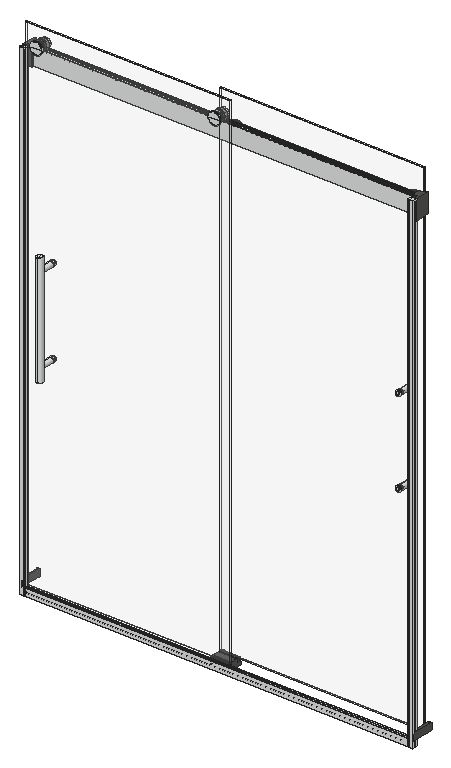
Revit family "Shower-Shower_Door-KOHLER-Levity_Plus-K-702423_1", category Specialty Equipment, host Face, Revit 2022
Family settings
  Host = Face
  Round Connector Dimension = Use Diameter
  Part Type = Normal
  OmniClass Number = 23.31.17.17
  OmniClass Title = Shower Enclosures
  Cut with Voids When Loaded = No
  Maintain Annotation Orientation = No
  Shared = No
  Room Calculation Point = No
Parameters (values of type "SHP-Bright Polished Silver")
  Width [instance] = Walk Thru + 199/256" + 31 81/256"  # 59 157/256"
  WaterSense Certified = 1 = 0  # no
  Walk Thru [instance] = 27 133/256"
  URL = "https://www.us.kohler.com/us/"
  Type = 1
  Product Page URL = "http://www.us.kohler.com/us/catalog/productDetails.jsp?productId=702423-L"
  Product Name = "Levity Plus"  # constant formula
  Product Documentation Link = "https://www.us.kohler.com/webassets/kpna/catalog/pdf/en/K-702423-L_spec_US-CA_Kohler_en.pdf"
  Model = if(Type = 1, "K-702423-L-SHP", if(Type = 2, "K-702423-L-BNK", if(Type = 3, "K-702423-L-BL", if(Type = 4, "K-702423-L-2MB", "NA"))))  # "K-702423-L-SHP"
  Material = "Premium Metal Construction"  # constant formula
  Master Format 2014 Name = "Shower Doors"  # constant formula
  Master Format 2014 = "10 28 19.16"  # constant formula
  Manufacturer Address = "444 Highland Dr, Kohler, WI 53044"  # constant formula
  Manufacturer = "KOHLER Co."  # constant formula
  Length = 6 119/128"  # constant formula
  Height = 77 143/256"  # constant formula
  Finish = Kohler-Metal-SHP-Bright_Polished_Silver
  Environmental Product Declaration = ""
  Description = "5/16 SHOWER DOOR 78 X 59 5/8 HANDLE"  # constant formula
  Default Elevation = 4"
  Declare Label = ""
  Date Modified = "03/22/2022"  # constant formula
  Date Created = "03/22/2022"  # constant formula
  Copyright = "Copyright KOHLER Co."  # constant formula
  Contact Us = "https://www.us.kohler.com/us/static/contact.jsp"
  Assembly Code = "C1030200"
  ADA Compliant = 1 = 0  # no
Reference planes (in)
  plane 1 "Center (Front/Back)": y = 0
  plane 2: z = 0
  plane 3 "Center (Left/Right)": x = 0
  plane 4: x = 27.51953
  plane 5: x = 28.29714
  plane 6: x = -1.99865
  plane 7: x = -28.99865
  plane 8: x = -27.24865
  plane 9: x = -31.31614
  plane 10: x = -0.98122
  plane 11: y = 4.34261
  plane 12: y = 4.34261
  plane 13: y = 3.91774
  plane 14: y = -0.5592
  plane 15: y = -2.58708
  plane 16: z = 77.55859
  plane 17: z = 74.76536
  plane 18: z = 71.5748
  plane 19: z = 74.13386
  plane 20: z = 45.84791
  plane 21: z = 47.87402
  plane 22: z = 30.86614
  plane 23: z = 32.84791
  plane 24: x = 24.23032
  plane 25: x = 25.98032
Dimensions and locks (in)
  "Walk Thru": plane 4 to plane 3 "Center (Left/Right)"
  "Width": plane 9 to plane 5
  "Length": plane 12 to plane 15
  locked: plane 4 to plane 5 at 0.77761
  locked: plane 24 to plane 25 at 1.75
  locked: plane 4 to plane 25 at 1.53921
  plane 22 to level = 30.86614"
  "Height": plane 16 to level
  plane 18 to level = 71.5748"
  plane 21 to plane 22 = 17.00787"
  aligned and locked: plane 2 to host face
  aligned and locked: level to host face
  aligned and locked: plane 3 "Center (Left/Right)" to nested 1
  aligned and locked: plane 4 to nested 1
Automatic sketch dimensions
  host sketch curve to host sketch curve = 96"  (x2)
Nested families (in)
  nested 1: "K-702423" at (0, -0.5592, 0), type "K-702423"
Definition of nested family "K-702423"
  Parameters (values of type "K-702423")
    Width = Walk Thru + 0.77559" + 31.31496"  # 59.61008"
    Walk Thru = 27 133/256"
    Material = none
    Default Elevation = 0"
  Reference planes (in)
    plane 1 "Center (Front/Back)": y = 0
    plane 2: z = 0
    plane 3 "Center (Left/Right)": x = 0
    plane 4 "AA": z = 61.5748
    plane 5: z = 30.86614
    plane 6: z = 47.87402
    plane 7: x = -31.3134
    plane 8: x = 27.51953
    plane 9: x = 28.29668
    plane 10 "E": x = 24.23032
    plane 11 "B": x = -27.24865
    plane 12 "A": z = 74.76536
    plane 13: x = -28.99865
    plane 14: x = -1.99865
    plane 15: y = -2.02733
    plane 16: y = 4.9018
    plane 17: z = 32.84791
    plane 18: z = 45.84791
    plane 19: y = -1.5837
    plane 20: y = 4.47693
    plane 21 "C": x = 25.98032
    plane 22 "D": x = -1.02028
    plane 23: x = 27.95622
    plane 24 "AB": z = 77.55906
    plane 25: z = 30.86614
    plane 26: z = 74.76536
    plane 27: z = 71.5748
    plane 28: z = 74.13386
  Forms (in)
    Extrusion 1, solid
      sketch origin (0, 0, 0) x (1, 0, 0) y (0, 1, 0)
        loop
          line (-31.3134, 2.37158) -> (-31.3134, 0.38563)
          arc (-31.3134, 0.38563) -> (-31.30418, 0.36336) -> (-31.28191, 0.35413) r 0.0315
          line (-31.28191, 0.35413) -> (-31.02523, 0.35413)
          arc (-31.02523, 0.35413) -> (-31.00295, 0.36336) -> (-30.99373, 0.38563) r 0.0315
          line (-30.99373, 0.38563) -> (-30.99373, 0.85734)
          arc (-30.99373, 0.85734) -> (-30.9845, 0.87961) -> (-30.96223, 0.88884) r 0.0315
          line (-30.96223, 0.88884) -> (-30.36006, 0.88884)
          arc (-30.36006, 0.88884) -> (-30.33857, 0.89774) -> (-30.32966, 0.91923) r 0.03039
          line (-30.32966, 0.91923) -> (-30.32966, 2.02115) -> (-30.99701, 2.02858) -> (-30.99701, 2.37088)
          arc (-30.99701, 2.37088) -> (-31.00624, 2.39315) -> (-31.02851, 2.40237) r 0.0315
          line (-31.02851, 2.40237) -> (-31.28261, 2.40237)
          arc (-31.28261, 2.40237) -> (-31.30439, 2.39336) -> (-31.3134, 2.37158) r 0.03079
      from 71.33897 to 74.35081
    Extrusion 2, solid, material <- "Material", detail levels medium+fine
      sketch origin (0, 0, 0) x (1, 0, 0) y (0, 1, 0)
        loop
          line (-30.99165, 0.20982) -> (-30.99165, -0.20982) -> (-30.79705, -0.20982) -> (-30.79705, -0.27247) -> (-31.25589, -0.27247) -> (-31.25589, -0.30702) -> (-30.6559, -0.32797)
          arc (-30.6559, -0.32797) -> (-30.58047, -0.29901) -> (-30.5489, -0.22464) r 0.10339
          line (-30.5489, -0.22464) -> (-30.5489, 0.22464)
          arc (-30.5489, 0.22464) -> (-30.58047, 0.29901) -> (-30.6559, 0.32797) r 0.10339
          line (-30.6559, 0.32797) -> (-31.25589, 0.30702) -> (-31.25589, 0.27247) -> (-30.79705, 0.27247) -> (-30.79705, 0.20982) -> (-30.99165, 0.20982)
        loop
          line (-31.3134, 0.20982) -> (-31.12433, 0.20982) -> (-31.12433, 0) -> (-31.12433, -0.20982) -> (-31.3134, -0.20982) -> (-31.3134, -0.25253) -> (-31.08302, -0.25253) -> (-31.08302, 0) -> (-31.08302, 0.25253) -> (-31.3134, 0.25253) -> (-31.3134, 0.20982)
      from 0.08036 to 74.31431
    Extrusion 3, solid, material <- "Material", detail levels medium+fine
      sketch origin (0, 0, 0) x (1, 0, 0) y (0, 1, 0)
        loop
          line (-30.6559, 0.32797) -> (-31.25589, 0.30702) -> (-31.25589, 0.25253) -> (-31.3134, 0.25253) -> (-31.3134, -0.25253) -> (-31.25589, -0.25253) -> (-31.25589, -0.30702) -> (-30.6559, -0.32797)
          arc (-30.6559, -0.32797) -> (-30.58047, -0.29901) -> (-30.5489, -0.22464) r 0.10339
          line (-30.5489, -0.22464) -> (-30.5489, 0.22464)
          arc (-30.5489, 0.22464) -> (-30.58047, 0.29901) -> (-30.6559, 0.32797) r 0.10339
      from 74.31431 to 74.35081
    Extrusion 4, solid
      sketch origin (0, 0, 0) x (0, 1, 0) y (0, 0, 1)
        loop
          line (2.917, 2.13263) -> (-0.20982, 2.13263) -> (-0.20982, 1.05663) -> (2.93672, 1.05663)
          arc (2.93672, 1.05663) -> (3.10579, 1.12666) -> (3.17581, 1.29573) r 0.23909
          line (3.17581, 1.29573) -> (3.17581, 1.87382)
          arc (3.17581, 1.87382) -> (3.10001, 2.05683) -> (2.917, 2.13263) r 0.25882
      from -30.99165 to -31.3134
    Extrusion 5, solid, material <- "Material"
      sketch origin (0, 0, 0) x (0, 1, 0) y (0, 0, 1)
        loop
          arc (0, 0.33997) -> (0.03474, 0.38326) -> (0.08453, 0.35871) r 0.04434
          line (0.08453, 0.35871) -> (0.11423, 0.29502)
          arc (0.11423, 0.29502) -> (0.14686, 0.27839) -> (0.17089, 0.30603) r 0.02975
          line (0.17089, 0.30603) -> (0.20017, 0.86474)
          arc (0.20017, 0.86474) -> (0.19197, 0.88698) -> (0.17019, 0.89634) r 0.03002
          line (0.17019, 0.89634) -> (0.02343, 0.89634)
          arc (0.02343, 0.89634) -> (-0.02199, 0.94176) -> (0.02343, 0.98718) r 0.04542
          line (0.02343, 0.98718) -> (0.19567, 0.98718)
          arc (0.19567, 0.98718) -> (0.19347, 1.02749) -> (0.15814, 1.04703) r 0.04169
          line (0.15814, 1.04703) -> (-0.19878, 1.04703) -> (-0.19878, 0) -> (0.49474, 0) -> (0.49474, 0.07959) -> (0.14319, 0.07959)
          arc (0.14319, 0.07959) -> (0.04194, 0.12153) -> (0, 0.22278) r 0.14319
          line (0, 0.22278) -> (0, 0.33997)
        loop
          line (0.53901, 0.96058) -> (0.10163, 0.96058)
          arc (0.10163, 0.96058) -> (0.08163, 0.94058) -> (0.10163, 0.92059) r 0.01999
          line (0.10163, 0.92059) -> (0.53901, 0.92059)
          arc (0.53901, 0.92059) -> (0.559, 0.94058) -> (0.53901, 0.96058) r 0.01999
      from -30.99165 to 27.51953
    Revolve 6, solid, material <- "Material", detail levels medium+fine
      sketch origin (27, 0, 74.76536) x (0, -1, 0) y (1, 0, 0)
        loop
          line (0.14044, -28.99865) -> (-1.79905, -28.99865) -> (-1.79905, -29.69269) -> (-1.43263, -29.69269) -> (-1.43263, -29.74488)
          arc (-1.43263, -29.74488) -> (-1.24562, -29.80339) -> (-1.05861, -29.74488) r 0.32812
          line (-1.05861, -29.74488) -> (-1.05861, -29.53477) -> (-0.92215, -29.53477) -> (-0.92215, -29.73162) -> (-0.7253, -29.73162) -> (-0.7253, -29.46245) -> (-0.36761, -29.46245) -> (-0.36761, -29.6593) -> (-0.06827, -29.6593) -> (-0.06827, -29.89414) -> (-0.02811, -29.93431) -> (0.09751, -29.93431) -> (0.14044, -29.89138) -> (0.14044, -28.99865)
        axis (0.14044, -28.99865) -> (-1.79905, -28.99865)
      angle from 0 to 360
    Revolve 7, solid, material <- "Material", detail levels medium+fine
      sketch origin (0, 0, 74.76536) x (0, -1, 0) y (1, 0, 0)
        loop
          line (0.14044, -28.99865) -> (-1.79905, -28.99865) -> (-1.79905, -29.69269) -> (-1.43263, -29.69269) -> (-1.43263, -29.74488)
          arc (-1.43263, -29.74488) -> (-1.24562, -29.80339) -> (-1.05861, -29.74488) r 0.32812
          line (-1.05861, -29.74488) -> (-1.05861, -29.53477) -> (-0.92215, -29.53477) -> (-0.92215, -29.73162) -> (-0.7253, -29.73162) -> (-0.7253, -29.46245) -> (-0.36761, -29.46245) -> (-0.36761, -29.6593) -> (-0.06827, -29.6593) -> (-0.06827, -29.89414) -> (-0.02811, -29.93431) -> (0.09751, -29.93431) -> (0.14044, -29.89138) -> (0.14044, -28.99865)
        axis (0.14044, -28.99865) -> (-1.79905, -28.99865)
      angle from 0 to 360
    Extrusion 8, solid, material <- "Material", detail levels medium+fine
      sketch origin (0, 0, 0) x (0, 1, 0) y (0, 0, 1)
        loop
          line (0.97838, 74.09449) -> (0.97838, 71.53543) -> (1.85747, 71.53543)
          arc (1.85747, 71.53543) -> (1.9, 71.55305) -> (1.91761, 71.59558) r 0.06014
          line (1.91761, 71.59558) -> (1.91761, 71.86685)
          arc (1.91761, 71.86685) -> (1.89894, 71.92322) -> (1.85029, 71.95728) r 0.0944
          line (1.85029, 71.95728) -> (1.85029, 71.88022) -> (1.65621, 71.78388) -> (1.38912, 71.90889) -> (1.38912, 73.51607)
          arc (1.38912, 73.51607) -> (1.41101, 73.5689) -> (1.46384, 73.59079) r 0.07472
          line (1.46384, 73.59079) -> (1.84605, 73.59079) -> (1.84605, 73.41713) -> (1.8957, 73.41713)
          arc (1.8957, 73.41713) -> (1.91735, 73.42609) -> (1.92632, 73.44774) r 0.03062
          line (1.92632, 73.44774) -> (1.92632, 74.04029)
          arc (1.92632, 74.04029) -> (1.91044, 74.07861) -> (1.87212, 74.09449) r 0.0542
          line (1.87212, 74.09449) -> (1.69975, 74.09449) -> (1.69975, 74.01045) -> (1.81407, 74.01045)
          arc (1.81407, 74.01045) -> (1.84489, 73.99768) -> (1.85765, 73.96686) r 0.04358
          line (1.85765, 73.96686) -> (1.85765, 73.8136) -> (1.31287, 73.8136) -> (1.31287, 73.88222) -> (1.44737, 73.94211) -> (1.44737, 73.98613)
          arc (1.44737, 73.98613) -> (1.43926, 74.00107) -> (1.42231, 74.0024) r 0.01781
          line (1.42231, 74.0024) -> (1.24538, 73.92362) -> (1.04592, 74.01243) -> (1.04592, 74.07466)
          arc (1.04592, 74.07466) -> (1.04011, 74.08868) -> (1.02609, 74.09449) r 0.01983
          line (1.02609, 74.09449) -> (0.97838, 74.09449)
      from -30.58824 to 27.51953
    Extrusion 9, solid
      sketch origin (0, 0, 74.76536) x (0, -1, 0) y (1, 0, 0)
        loop
          line (-0.7253, -0.06152) -> (-0.7253, -30.93579)
          arc (-0.7253, -30.93579) -> (-0.5693, -30.99187) -> (-0.4133, -30.93579) r 0.24502
          line (-0.4133, -30.93579) -> (-0.4133, -0.06152)
          arc (-0.4133, -0.06152) -> (-0.5693, 0.00135) -> (-0.7253, -0.06152) r 0.225
      from 2.7937 to -73.70872
    Extrusion 10, solid
      sketch origin (0, 0, 0) x (0, 1, 0) y (0, 0, 1)
        loop
          line (2.79395, 0) -> (2.73913, 1.04611)
          arc (2.73913, 1.04611) -> (2.73201, 1.06155) -> (2.71622, 1.06785) r 0.02294
          line (2.71622, 1.06785) -> (2.58256, 1.06785)
          arc (2.58256, 1.06785) -> (2.56781, 1.06181) -> (2.56152, 1.04717) r 0.02105
          line (2.56152, 1.04717) -> (2.54725, 0.22974)
          arc (2.54725, 0.22974) -> (2.52045, 0.16735) -> (2.45761, 0.14164) r 0.08966
          line (2.45761, 0.14164) -> (2.27292, 0.14164)
          arc (2.27292, 0.14164) -> (2.21358, 0.16532) -> (2.18684, 0.22333) r 0.0862
          line (2.18684, 0.22333) -> (2.14487, 1.02412)
          arc (2.14487, 1.02412) -> (2.13055, 1.05518) -> (2.09879, 1.06785) r 0.04614
          line (2.09879, 1.06785) -> (1.06637, 1.06785)
          arc (1.06637, 1.06785) -> (1.03461, 1.05518) -> (1.02029, 1.02412) r 0.04614
          line (1.02029, 1.02412) -> (0.97833, 0.22333)
          arc (0.97833, 0.22333) -> (0.95158, 0.16532) -> (0.89225, 0.14164) r 0.0862
          line (0.89225, 0.14164) -> (0.70755, 0.14164)
          arc (0.70755, 0.14164) -> (0.64471, 0.16735) -> (0.61791, 0.22974) r 0.08966
          line (0.61791, 0.22974) -> (0.60364, 1.04717)
          arc (0.60364, 1.04717) -> (0.59735, 1.06181) -> (0.5826, 1.06785) r 0.02105
          line (0.5826, 1.06785) -> (0.30693, 1.06785) -> (0.30693, 0.16201) -> (0.47604, 0.16201)
          arc (0.47604, 0.16201) -> (0.50033, 0.15195) -> (0.51039, 0.12766) r 0.03435
          line (0.51039, 0.12766) -> (0.51039, 0.08994)
          arc (0.51039, 0.08994) -> (0.52098, 0.06032) -> (0.54793, 0.04411) r 0.04675
          arc (0.54793, 0.04411) -> (0.76846, 0.01105) -> (0.99117, 0) r 2.24921
          line (0.99117, 0) -> (2.79395, 0)
      from -3.12027 to -0.34077
    Revolve 11, solid, material <- "Material"
      sketch origin (-27.24865, 0, -13) x (0, 1, 0) y (0, 0, 1)
        loop
          line (0.4133, 46.22291) -> (-1.4097, 46.22291) -> (-1.4097, 45.84791) -> (1.02083, 45.84791) -> (1.02083, 46.21475)
          arc (1.02083, 46.21475) -> (1.01123, 46.23791) -> (0.98807, 46.24751) r 0.03275
          line (0.98807, 46.24751) -> (0.79735, 46.24751)
          arc (0.79735, 46.24751) -> (0.7725, 46.23722) -> (0.76221, 46.21237) r 0.03514
          line (0.76221, 46.21237) -> (0.76221, 46.09791) -> (0.4133, 46.09791) -> (0.4133, 46.22291)
        axis (1.02083, 45.84791) -> (-1.4097, 45.84791)
      angle from 0 to 360
    Revolve 12, solid, material <- "Material", detail levels medium+fine
      sketch origin (-27.24865, 0, 0) x (0, 1, 0) y (0, 0, 1)
        loop
          line (-1.5837, 47.87402) -> (-1.9722, 47.87402) -> (-2.02733, 47.81888) -> (-2.02733, 30.91608) -> (-1.9774, 30.86614) -> (-1.5837, 30.86614) -> (-1.5837, 47.87402)
        axis (-1.5837, 30.86614) -> (-1.5837, 47.87402)
      angle from 0 to 360
    Revolve 13, solid, material <- "Material"
      sketch origin (-1.02028, 0, 0) x (0, 0, -1) y (0, -1, 0)
        loop
          line (-73.55511, -2.99093) -> (-73.51433, -3.03171) -> (-72.61552, -3.03171) -> (-72.61552, -1.91129) -> (-73.35161, -1.91129) -> (-73.35161, -2.16793) -> (-73.2217, -2.16793) -> (-73.2217, -2.52933) -> (-73.27972, -2.52933) -> (-73.27972, -2.82297) -> (-73.51347, -2.82297) -> (-73.55511, -2.86461) -> (-73.55511, -2.99093)
        axis (-72.61552, -1.91129) -> (-72.61552, -3.03171)
      angle from 0 to 360
    Revolve 14, solid, material <- "Material"
      sketch origin (25.98032, 0, 0) x (0, 0, -1) y (0, -1, 0)
        loop
          line (-73.55511, -2.99093) -> (-73.51433, -3.03171) -> (-72.61552, -3.03171) -> (-72.61552, -1.91129) -> (-73.35161, -1.91129) -> (-73.35161, -2.16793) -> (-73.2217, -2.16793) -> (-73.2217, -2.52933) -> (-73.27972, -2.52933) -> (-73.27972, -2.82297) -> (-73.51347, -2.82297) -> (-73.55511, -2.86461) -> (-73.55511, -2.99093)
        axis (-72.61552, -1.91129) -> (-72.61552, -3.03171)
      angle from 0 to 360
    Revolve 15, solid, material <- "Material", detail levels medium+fine
      sketch origin (24.23032, -0.02461, 0) x (0, 0, 1) y (0, -1, 0)
        loop
          line (46.22291, -2.50574) -> (46.09791, -2.50574) -> (46.09791, -2.15684) -> (46.21237, -2.15684)
          arc (46.21237, -2.15684) -> (46.23722, -2.14654) -> (46.24751, -2.1217) r 0.03514
          line (46.24751, -2.1217) -> (46.24751, -1.93098)
          arc (46.24751, -1.93098) -> (46.23791, -1.90781) -> (46.21475, -1.89822) r 0.03275
          line (46.21475, -1.89822) -> (45.84791, -1.89822) -> (45.84791, -4.50988) -> (46.22291, -4.50988) -> (46.22291, -2.50574)
        axis (45.84791, -1.89822) -> (45.84791, -4.50988)
      angle from 0 to 360
    Revolve 16, solid, material <- "Material", detail levels medium+fine
      sketch origin (24.23032, -0.02461, -13) x (0, 0, 1) y (0, -1, 0)
        loop
          line (46.22291, -2.50454) -> (46.09791, -2.50454) -> (46.09791, -2.15684) -> (46.21237, -2.15684)
          arc (46.21237, -2.15684) -> (46.23722, -2.14654) -> (46.24751, -2.1217) r 0.03514
          line (46.24751, -2.1217) -> (46.24751, -1.93098)
          arc (46.24751, -1.93098) -> (46.23791, -1.90781) -> (46.21475, -1.89822) r 0.03275
          line (46.21475, -1.89822) -> (45.84791, -1.89822) -> (45.84791, -4.50988) -> (46.22291, -4.50988) -> (46.22291, -2.50454)
        axis (45.84791, -1.89822) -> (45.84791, -4.50988)
      angle from 0 to 360
    Revolve 17, solid, material <- "Material", detail levels medium+fine
      sketch origin (24.23032, 0, 0) x (0, 0, 1) y (0, -1, 0)
        loop
          line (47.87402, -4.47693) -> (30.86614, -4.47693) -> (30.86614, -4.87063) -> (30.89731, -4.9018) -> (47.83764, -4.9018) -> (47.87402, -4.86543) -> (47.87402, -4.47693)
        axis (30.86614, -4.47693) -> (47.87402, -4.47693)
      angle from 0 to 360
    Extrusion 18, solid
      sketch origin (0, 0, 74.76536) x (0, -1, 0) y (1, 0, 0)
        loop
          line (-2.40428, 28.29668) -> (-2.40428, 28.09522)
          arc (-2.40428, 28.09522) -> (-2.37444, 28.02318) -> (-2.30241, 27.99335) r 0.10187
          line (-2.30241, 27.99335) -> (-2.09932, 27.99335)
          arc (-2.09932, 27.99335) -> (-2.03657, 27.96736) -> (-2.01058, 27.90461) r 0.08874
          line (-2.01058, 27.90461) -> (-2.01058, 27.36844)
          arc (-2.01058, 27.36844) -> (-1.99255, 27.32489) -> (-1.949, 27.30685) r 0.06158
          line (-1.949, 27.30685) -> (-0.96774, 27.30685)
          arc (-0.96774, 27.30685) -> (-0.9202, 27.32655) -> (-0.90051, 27.37409) r 0.06723
          line (-0.90051, 27.37409) -> (-0.90051, 27.88401)
          arc (-0.90051, 27.88401) -> (-0.8829, 27.92652) -> (-0.84038, 27.94413) r 0.06013
          line (-0.84038, 27.94413) -> (-0.37453, 27.94413)
          arc (-0.37453, 27.94413) -> (-0.34132, 27.95789) -> (-0.32756, 27.9911) r 0.04697
          line (-0.32756, 27.9911) -> (-0.32756, 28.29668) -> (-2.40428, 28.29668)
      from -0.4295 to -3.42639
    Extrusion 19, solid
      sketch origin (0, 0, 0) x (0, 1, 0) y (0, 0, -1)
        loop
          arc (2.917, -2.13263) -> (3.10001, -2.05683) -> (3.17581, -1.87382) r 0.25882
          line (3.17581, -1.87382) -> (3.17581, -1.29573)
          arc (3.17581, -1.29573) -> (3.10579, -1.12666) -> (2.93672, -1.05663) r 0.23909
          line (2.93672, -1.05663) -> (-0.23901, -1.05663) -> (-0.23901, -2.13263) -> (2.917, -2.13263)
      from -27.95622 to -28.29668
    Extrusion 20, solid, material <- "Material"
      sketch origin (0, 0, 74.76536) x (0, -1, 0) y (1, 0, 0)
        loop
          line (-0.32756, 27.51953) -> (0.31775, 27.51953) -> (0.31775, 28.29668) -> (0.23901, 28.29668) -> (0.23901, 27.59827) -> (-0.24882, 27.59827) -> (-0.24882, 28.29668) -> (-0.32756, 28.29668) -> (-0.32756, 27.51953)
      from -74.68499 to -0.5382
    Extrusion 21, solid, material <- "Material"
      sketch origin (0, 0, 0) x (1, 0, 0) y (0, 1, 0)
        loop
          line (28.29668, 0.32756) -> (27.51953, 0.32756) -> (27.51953, -0.31775) -> (28.29668, -0.31775) -> (28.29668, 0.32756)
      from 74.33586 to 74.22715
    Extrusion 22, solid
      sketch origin (0, 0, 74.76536) x (0, -1, 0) y (1, 0, 0)
        loop
          arc (-2.47993, -2.95682) -> (-2.32393, -3.01968) -> (-2.16793, -2.95682) r 0.225
          line (-2.16793, -2.95682) -> (-2.16793, 27.90897)
          arc (-2.16793, 27.90897) -> (-2.18177, 27.94238) -> (-2.21518, 27.95622) r 0.04724
          line (-2.21518, 27.95622) -> (-2.43259, 27.95622)
          arc (-2.43259, 27.95622) -> (-2.46607, 27.94235) -> (-2.47993, 27.90887) r 0.04735
          line (-2.47993, 27.90887) -> (-2.47993, -2.95682)
      from -73.70872 to 2.7937
    Revolve 23, solid, material <- "Material"
      sketch origin (-27.24865, 0, 0) x (0, 1, 0) y (0, 0, 1)
        loop
          line (0.4133, 46.22291) -> (-1.4097, 46.22291) -> (-1.4097, 45.84791) -> (1.02083, 45.84791) -> (1.02083, 46.21475)
          arc (1.02083, 46.21475) -> (1.01123, 46.23791) -> (0.98807, 46.24751) r 0.03275
          line (0.98807, 46.24751) -> (0.79735, 46.24751)
          arc (0.79735, 46.24751) -> (0.7725, 46.23722) -> (0.76221, 46.21237) r 0.03514
          line (0.76221, 46.21237) -> (0.76221, 46.09791) -> (0.4133, 46.09791) -> (0.4133, 46.22291)
        axis (1.02083, 45.84791) -> (-1.4097, 45.84791)
      angle from 0 to 360
    Extrusion 24, solid, material <- "Material", detail levels coarse
      sketch origin (0, 0, 74.76536) x (0, -1, 0) y (1, 0, 0)
        loop
          line (-0.32797, -30.5489) -> (-0.32797, -31.3134) -> (0.32797, -31.3134) -> (0.32797, -30.5489) -> (-0.32797, -30.5489)
      from -74.68499 to -0.45105
    Revolve 25, solid, material <- "Material", detail levels coarse
      sketch origin (0, 0, 74.76536) x (0, -1, 0) y (1, 0, 0)
        loop
          line (0.14044, -28.99865) -> (-1.79905, -28.99865) -> (-1.79905, -29.69269) -> (-1.43263, -29.69269) -> (-1.43263, -29.74488) -> (-1.05861, -29.74488) -> (-1.05861, -29.53477) -> (-0.92215, -29.53477) -> (-0.92215, -29.73162) -> (-0.7253, -29.73162) -> (-0.7253, -29.6593) -> (-0.06827, -29.6593) -> (-0.06827, -29.93431) -> (0.14044, -29.93431) -> (0.14044, -28.99865)
        axis (-1.79905, -28.99865) -> (0.14044, -28.99865)
      angle from 0 to 360
    Revolve 26, solid, material <- "Material", detail levels coarse
      sketch origin (27, 0, 74.76536) x (0, -1, 0) y (1, 0, 0)
        loop
          line (0.14044, -28.99865) -> (-1.79905, -28.99865) -> (-1.79905, -29.69269) -> (-1.43263, -29.69269) -> (-1.43263, -29.74488) -> (-1.05861, -29.74488) -> (-1.05861, -29.53477) -> (-0.92215, -29.53477) -> (-0.92215, -29.73162) -> (-0.7253, -29.73162) -> (-0.7253, -29.6593) -> (-0.06827, -29.6593) -> (-0.06827, -29.93431) -> (0.14044, -29.93431) -> (0.14044, -28.99865)
        axis (-1.79905, -28.99865) -> (0.14044, -28.99865)
      angle from 0 to 360
    Extrusion 27, solid, material <- "Material", detail levels coarse
      sketch origin (0, 0, 0) x (1, 0, 0) y (0, 0, 1)
        loop
          circle (-27.24865, 45.84791) r 0.3937
        loop
          circle (-27.24865, 32.84791) r 0.3937
      from -1.02039 to 1.5837
    Extrusion 28, solid, material <- "Material", detail levels coarse
      sketch origin (0, 0, 74.76536) x (0, -1, 0) y (1, 0, 0)
        loop
          circle (1.5837, -27.24865) r 0.44363
      from -26.89134 to -43.89921
    Revolve 29, solid, material <- "Material", detail levels coarse
      sketch origin (24.23032, 0, 0) x (0, 0, 1) y (0, -1, 0)
        loop
          line (45.84791, -1.87284) -> (45.84791, -4.47693) -> (46.22291, -4.47693) -> (46.22291, -1.87284) -> (45.84791, -1.87284)
        axis (45.84791, -1.87284) -> (45.84791, -4.47693)
      angle from 0 to 360
    Revolve 30, solid, material <- "Material", detail levels coarse
      sketch origin (24.23032, 0, 0) x (0, 0, 1) y (0, -1, 0)
        loop
          line (32.84791, -1.87284) -> (32.84791, -4.47693) -> (33.22291, -4.47693) -> (33.22291, -1.87284) -> (32.84791, -1.87284)
        axis (32.84791, -1.87284) -> (32.84791, -4.47693)
      angle from 0 to 360
    Extrusion 31, solid, material <- "Material", detail levels coarse
      sketch origin (0, 0, 0) x (0, 1, 0) y (0, 0, 1)
        loop
          line (0.97838, 74.09449) -> (0.97838, 71.53543) -> (1.92632, 71.53543) -> (1.92632, 74.09449) -> (0.97838, 74.09449)
      from -30.5489 to 27.51953
    Revolve 32, solid, material <- "Material", detail levels coarse
      sketch origin (24.23032, 0, 0) x (0, 0, 1) y (0, -1, 0)
        loop
          line (47.87402, -4.9018) -> (47.87402, -4.47693) -> (30.86614, -4.47693) -> (30.86614, -4.9018) -> (47.87402, -4.9018)
        axis (30.86614, -4.47693) -> (47.87402, -4.47693)
      angle from 0 to 360
  Cuts and joins
    joined: Extrusion 2, Extrusion 3
    joined: Extrusion 20, Extrusion 21
  Lines and regions (in)
    Masking region 1
      outline origin (25.98032, 0, 0) x (0, 0, -1) y (0, -1, 0)
        loop
          line (-77.55906, -0.4133) -> (-77.55906, -0.7253) -> (-75.49833, -0.7253) -> (-75.49833, -0.92215) -> (-75.30147, -0.92215) -> (-75.30147, -1.05861) -> (-75.51158, -1.05861)
          arc (-75.51158, -1.05861) -> (-75.57352, -1.24562) -> (-75.51158, -1.43263) r 0.31327
          line (-75.51158, -1.43263) -> (-75.45939, -1.43263) -> (-75.45939, -1.79905) -> (-74.31431, -1.79905) -> (-74.31431, -2.16793) -> (-77.55906, -2.16793) -> (-77.55906, -2.47993) -> (-73.22175, -2.47993) -> (-73.22175, -2.52933) -> (-73.27972, -2.52933) -> (-73.27972, -2.82297) -> (-73.51347, -2.82297) -> (-73.55511, -2.86461) -> (-73.55511, -2.99093) -> (-73.51433, -3.03171) -> (-71.71672, -3.03171) -> (-71.67593, -2.99093) -> (-71.67593, -2.86461) -> (-71.71758, -2.82297) -> (-71.95133, -2.82297) -> (-71.95133, -2.52933) -> (-72.00929, -2.52933) -> (-72.00929, -2.47993) -> (-46.22291, -2.47993) -> (-46.22291, -4.05206) -> (-47.83764, -4.05206) -> (-47.87402, -4.08843) -> (-47.87402, -4.86543) -> (-47.83764, -4.9018) -> (-30.89731, -4.9018) -> (-30.86614, -4.87063) -> (-30.86614, -4.08323) -> (-30.89731, -4.05206) -> (-32.47291, -4.05206) -> (-32.47291, -2.47993) -> (-2.13263, -2.47993) -> (-2.13263, -2.917)
          arc (-2.13263, -2.917) -> (-2.05683, -3.10001) -> (-1.87382, -3.17581) r 0.25882
          line (-1.87382, -3.17581) -> (-1.29573, -3.17581)
          arc (-1.29573, -3.17581) -> (-1.12666, -3.10579) -> (-1.05663, -2.93672) r 0.23909
          line (-1.05663, -2.93672) -> (-1.05663, -2.73858) -> (0, -2.79395) -> (0, -0.99117)
          arc (0, -0.99117) -> (-0.01105, -0.76846) -> (-0.04411, -0.54793) r 2.24921
          arc (-0.04411, -0.54793) -> (-0.06032, -0.52098) -> (-0.08994, -0.51039) r 0.04675
          line (-0.08994, -0.51039) -> (-0.12766, -0.51039)
          arc (-0.12766, -0.51039) -> (-0.15195, -0.50033) -> (-0.16201, -0.47604) r 0.03435
          line (-0.16201, -0.47604) -> (-0.16201, -0.32756) -> (-0.07959, -0.32756) -> (-0.07959, -0.49474) -> (0, -0.49474) -> (0, 0.19878) -> (-0.08036, 0.19878) -> (-0.08036, 0.32803) -> (-32.47291, 0.32803) -> (-32.47291, 1.14006) -> (-30.91608, 1.14006) -> (-30.86614, 1.19) -> (-30.86614, 1.9774) -> (-30.91608, 2.02733) -> (-47.81888, 2.02733) -> (-47.87402, 1.9722) -> (-47.87402, 1.1952) -> (-47.81888, 1.14006) -> (-46.22291, 1.14006) -> (-46.22291, 0.32803) -> (-74.35081, 0.32803) -> (-74.35081, 0.14044) -> (-75.65808, 0.14044) -> (-75.70105, 0.09747) -> (-75.70105, -0.02728) -> (-75.66006, -0.06827) -> (-75.42601, -0.06827) -> (-75.42601, -0.36761) -> (-75.22916, -0.36761) -> (-75.22916, -0.4133) -> (-77.55906, -0.4133)
        loop
          line (-1.05663, -0.7253) -> (-1.05663, -1.03622)
          arc (-1.05663, -1.03622) -> (-1.04201, -1.02494) -> (-1.02412, -1.02029) r 0.04614
          line (-1.02412, -1.02029) -> (-0.22333, -0.97833)
          arc (-0.22333, -0.97833) -> (-0.16532, -0.95158) -> (-0.14164, -0.89225) r 0.0862
          line (-0.14164, -0.89225) -> (-0.14164, -0.70755)
          arc (-0.14164, -0.70755) -> (-0.16735, -0.64471) -> (-0.22974, -0.61791) r 0.08966
          line (-0.22974, -0.61791) -> (-0.72015, -0.60935) -> (-0.72015, -0.7253) -> (-1.05663, -0.7253)
        loop
          line (-33.22291, 0.32803) -> (-33.22291, 1.14006) -> (-45.47291, 1.14006) -> (-45.47291, 0.32803) -> (-33.22291, 0.32803)
        loop
          arc (-0.22974, -2.54725) -> (-0.16735, -2.52045) -> (-0.14164, -2.45761) r 0.08966
          line (-0.14164, -2.45761) -> (-0.14164, -2.27292)
          arc (-0.14164, -2.27292) -> (-0.16532, -2.21358) -> (-0.22333, -2.18684) r 0.0862
          line (-0.22333, -2.18684) -> (-0.70459, -2.16162) -> (-0.70459, -2.47993) -> (-1.05663, -2.47993) -> (-1.05663, -2.56169) -> (-0.22974, -2.54725)
        loop
          line (-2.13263, -0.7253) -> (-32.5984, -0.7253) -> (-32.5984, -0.76221) -> (-32.48283, -0.76221)
          arc (-32.48283, -0.76221) -> (-32.4588, -0.77217) -> (-32.44884, -0.7962) r 0.03399
          line (-32.44884, -0.7962) -> (-32.44884, -0.98906)
          arc (-32.44884, -0.98906) -> (-32.45802, -1.01121) -> (-32.48017, -1.02039) r 0.03133
          line (-32.48017, -1.02039) -> (-32.84791, -1.02039) -> (-33.21564, -1.02039)
          arc (-33.21564, -1.02039) -> (-33.2378, -1.01121) -> (-33.24697, -0.98906) r 0.03133
          line (-33.24697, -0.98906) -> (-33.24697, -0.7962)
          arc (-33.24697, -0.7962) -> (-33.23702, -0.77217) -> (-33.21299, -0.76221) r 0.03399
          line (-33.21299, -0.76221) -> (-33.09741, -0.76221) -> (-33.09741, -0.7253) -> (-45.5984, -0.7253) -> (-45.5984, -0.76221) -> (-45.48283, -0.76221)
          arc (-45.48283, -0.76221) -> (-45.4588, -0.77217) -> (-45.44884, -0.7962) r 0.03399
          line (-45.44884, -0.7962) -> (-45.44884, -0.98906)
          arc (-45.44884, -0.98906) -> (-45.45802, -1.01121) -> (-45.48017, -1.02039) r 0.03133
          line (-45.48017, -1.02039) -> (-45.84791, -1.02039) -> (-46.21564, -1.02039)
          arc (-46.21564, -1.02039) -> (-46.2378, -1.01121) -> (-46.24697, -0.98906) r 0.03133
          line (-46.24697, -0.98906) -> (-46.24697, -0.7962)
          arc (-46.24697, -0.7962) -> (-46.23702, -0.77217) -> (-46.21299, -0.76221) r 0.03399
          line (-46.21299, -0.76221) -> (-46.09741, -0.76221) -> (-46.09741, -0.7253) -> (-71.34041, -0.7253) -> (-71.34041, -2.16793) -> (-46.09741, -2.16793) -> (-46.09741, -2.13102) -> (-46.21299, -2.13102)
          arc (-46.21299, -2.13102) -> (-46.23702, -2.12107) -> (-46.24697, -2.09704) r 0.03399
          line (-46.24697, -2.09704) -> (-46.24697, -1.90418)
          arc (-46.24697, -1.90418) -> (-46.2378, -1.88202) -> (-46.21564, -1.87284) r 0.03133
          line (-46.21564, -1.87284) -> (-45.84791, -1.87284) -> (-45.48017, -1.87284)
          arc (-45.48017, -1.87284) -> (-45.45802, -1.88202) -> (-45.44884, -1.90418) r 0.03133
          line (-45.44884, -1.90418) -> (-45.44884, -2.09704)
          arc (-45.44884, -2.09704) -> (-45.4588, -2.12107) -> (-45.48283, -2.13102) r 0.03399
          line (-45.48283, -2.13102) -> (-45.5984, -2.13102) -> (-45.5984, -2.16793) -> (-33.09741, -2.16793) -> (-33.09741, -2.13102) -> (-33.21299, -2.13102)
          arc (-33.21299, -2.13102) -> (-33.23702, -2.12107) -> (-33.24697, -2.09704) r 0.03399
          line (-33.24697, -2.09704) -> (-33.24697, -1.90418)
          arc (-33.24697, -1.90418) -> (-33.2378, -1.88202) -> (-33.21564, -1.87284) r 0.03133
          line (-33.21564, -1.87284) -> (-32.84791, -1.87284) -> (-32.48017, -1.87284)
          arc (-32.48017, -1.87284) -> (-32.45802, -1.88202) -> (-32.44884, -1.90418) r 0.03133
          line (-32.44884, -1.90418) -> (-32.44884, -2.09704)
          arc (-32.44884, -2.09704) -> (-32.4588, -2.12107) -> (-32.48283, -2.13102) r 0.03399
          line (-32.48283, -2.13102) -> (-32.5984, -2.13102) -> (-32.5984, -2.16793) -> (-2.13263, -2.16793) -> (-2.13263, -0.7253)
        loop
          line (-33.22291, -0.4133) -> (-33.22291, -0.32756) -> (-45.47291, -0.32756) -> (-45.47291, -0.4133) -> (-33.22291, -0.4133)
        loop
          line (-71.34041, -0.32756) -> (-71.34041, -0.4133) -> (-46.22291, -0.4133) -> (-46.22291, -0.32756) -> (-71.34041, -0.32756)
        loop
          line (-32.47291, -0.4133) -> (-2.13263, -0.4133) -> (-2.13263, -0.32756) -> (-32.47291, -0.32756) -> (-32.47291, -0.4133)
        loop
          line (-33.22291, -4.05206) -> (-33.22291, -2.47993) -> (-45.47291, -2.47993) -> (-45.47291, -4.05206) -> (-33.22291, -4.05206)
    Masking region 2
      outline origin (0, 0, 0) x (1, 0, 0) y (0, 0, 1)
        loop
          line (-30.99192, 77.55906) -> (-30.99192, 74.35081) -> (-31.3134, 74.35081) -> (-31.3134, 0.08036) -> (-30.99165, 0.08036) -> (-30.99165, 0) -> (27.51953, 0) -> (27.51953, 0.07959) -> (28.29668, 0.07959) -> (28.29668, 74.33586) -> (27.95622, 74.33586) -> (27.95622, 77.55906) -> (-30.99192, 77.55906)
    Masking region 3
      outline origin (0, 0, 0) x (1, 0, 0) y (0, 1, 0)
        loop
          line (-31.3134, 3.17581) -> (-31.3134, -0.32797) -> (-30.5489, -0.32797) -> (-30.5489, -0.19878) -> (-27.62342, -0.19878) -> (-27.62342, -1.34628)
          arc (-27.62342, -1.34628) -> (-27.24865, -2.02733) -> (-26.87389, -1.34628) r 0.44363
          line (-26.87389, -1.34628) -> (-26.87389, -0.19878) -> (27.51953, -0.19878) -> (27.51953, -0.31775) -> (28.29668, -0.31775) -> (28.29668, 3.17581) -> (27.95622, 3.17581) -> (27.95622, 2.02713)
          arc (27.95622, 2.02713) -> (27.93171, 2.01482) -> (27.90461, 2.01058) r 0.08874
          line (27.90461, 2.01058) -> (27.36844, 2.01058)
          arc (27.36844, 2.01058) -> (27.31755, 1.98368) -> (27.31112, 1.92648) r 0.06158
          line (27.31112, 1.92648) -> (-0.34077, 1.92648) -> (-0.34077, 2.79395) -> (-3.12027, 2.79395) -> (-3.12027, 1.92648) -> (-30.32966, 1.92648) -> (-30.32966, 2.02115) -> (-30.99165, 2.02852) -> (-30.99165, 3.17581) -> (-31.3134, 3.17581)
        loop
          line (-30.36006, 0.88884) -> (-30.96198, 0.88884)
          arc (-30.96198, 0.88884) -> (-30.98312, 0.88008) -> (-30.99187, 0.85894) r 0.0299
          line (-30.99187, 0.85894) -> (-30.99187, 0.5693)
          arc (-30.99187, 0.5693) -> (-30.97743, 0.65219) -> (-30.93579, 0.7253) r 0.24502
          line (-30.93579, 0.7253) -> (-29.73162, 0.7253) -> (-29.73162, 0.92215) -> (-29.53477, 0.92215) -> (-29.53477, 0.97838) -> (-30.32966, 0.97838) -> (-30.32966, 0.91923)
          arc (-30.32966, 0.91923) -> (-30.33857, 0.89774) -> (-30.36006, 0.88884) r 0.03039
        loop
          line (-28.26569, 0.7253) -> (-27.49865, 0.7253) -> (-27.49865, 0.76221) -> (-27.61099, 0.76221)
          arc (-27.61099, 0.76221) -> (-27.63752, 0.7732) -> (-27.64851, 0.79973) r 0.03752
          line (-27.64851, 0.79973) -> (-27.64851, 0.97838) -> (-28.46254, 0.97838) -> (-28.46254, 0.92215) -> (-28.26569, 0.92215) -> (-28.26569, 0.7253)
        loop
          line (-3.12027, 0.97838) -> (-26.8488, 0.97838) -> (-26.8488, 0.79973)
          arc (-26.8488, 0.79973) -> (-26.85979, 0.7732) -> (-26.88632, 0.76221) r 0.03752
          line (-26.88632, 0.76221) -> (-26.99865, 0.76221) -> (-26.99865, 0.7253) -> (-3.12027, 0.7253) -> (-3.12027, 0.97838)
        loop
          line (27.3077, 0.97838) -> (-0.34077, 0.97838) -> (-0.34077, 0.7253) -> (-0.06152, 0.7253)
          arc (-0.06152, 0.7253) -> (-0.01312, 0.64869) -> (0.00112, 0.5592) r 0.225
          line (0.00112, 0.5592) -> (27.51953, 0.5592) -> (27.51953, 0.32756) -> (27.9911, 0.32756)
          arc (27.9911, 0.32756) -> (27.95789, 0.34132) -> (27.94413, 0.37453) r 0.04697
          line (27.94413, 0.37453) -> (27.94413, 0.84038)
          arc (27.94413, 0.84038) -> (27.92652, 0.8829) -> (27.88401, 0.90051) r 0.06013
          line (27.88401, 0.90051) -> (27.37409, 0.90051)
          arc (27.37409, 0.90051) -> (27.32292, 0.92412) -> (27.3077, 0.97838) r 0.06723
    Masking region 4
      outline origin (0, 0, 74.76536) x (0, -1, 0) y (1, 0, 0)
        loop
          line (-3.03171, -1.91908) -> (-2.99102, -1.95977) -> (-2.86452, -1.95977) -> (-2.82297, -1.91822) -> (-2.82297, -1.68447) -> (-2.52933, -1.68447) -> (-2.52933, -1.62646) -> (-2.47993, -1.62646) -> (-2.47993, -2.95682)
          arc (-2.47993, -2.95682) -> (-2.32393, -3.01968) -> (-2.16793, -2.95682) r 0.225
          line (-2.16793, -2.95682) -> (-2.16793, -1.75637) -> (-1.92667, -1.75637) -> (-1.92667, -1.02028) -> (-1.92667, -0.28419) -> (-2.16793, -0.28419) -> (-2.16793, 23.98032) -> (-2.13223, 23.98032) -> (-2.13223, 23.86234)
          arc (-2.13223, 23.86234) -> (-2.12318, 23.84048) -> (-2.10132, 23.83143) r 0.03091
          line (-2.10132, 23.83143) -> (-1.92738, 23.83143) -> (-1.92738, 24.23032) -> (-1.92738, 24.6292) -> (-2.10132, 24.6292)
          arc (-2.10132, 24.6292) -> (-2.12318, 24.62015) -> (-2.13223, 24.59829) r 0.03091
          line (-2.13223, 24.59829) -> (-2.13223, 24.48032) -> (-2.16793, 24.48032) -> (-2.16793, 25.24423) -> (-1.92738, 25.24423) -> (-1.92738, 26.71641) -> (-2.16793, 26.71641) -> (-2.16793, 27.91336)
          arc (-2.16793, 27.91336) -> (-2.18048, 27.94367) -> (-2.21078, 27.95622) r 0.04285
          line (-2.21078, 27.95622) -> (-2.43136, 27.95622)
          arc (-2.43136, 27.95622) -> (-2.46571, 27.94199) -> (-2.47993, 27.90765) r 0.04857
          line (-2.47993, 27.90765) -> (-2.47993, 26.58649) -> (-2.52933, 26.58649) -> (-2.52933, 26.64451) -> (-2.82297, 26.64451) -> (-2.82297, 26.87826) -> (-2.86527, 26.92057) -> (-2.99027, 26.92057) -> (-3.03171, 26.87912) -> (-3.03171, 25.98032) -> (-3.03171, 25.08151) -> (-2.99027, 25.04007) -> (-2.86527, 25.04007) -> (-2.82297, 25.08237) -> (-2.82297, 25.31612) -> (-2.52933, 25.31612) -> (-2.52933, 25.37414) -> (-2.47993, 25.37414) -> (-2.47993, 24.60486) -> (-4.27635, 24.60486)
          arc (-4.27635, 24.60486) -> (-4.69522, 24.59483) -> (-4.9018, 24.23032) r 0.42487
          arc (-4.9018, 24.23032) -> (-4.69522, 23.86581) -> (-4.27635, 23.85577) r 0.42487
          line (-4.27635, 23.85577) -> (-2.47993, 23.85577) -> (-2.47993, -0.4141) -> (-2.52933, -0.4141) -> (-2.52933, -0.35609) -> (-2.82297, -0.35609) -> (-2.82297, -0.12234) -> (-2.86452, -0.08078) -> (-2.99102, -0.08078) -> (-3.03171, -0.12148) -> (-3.03171, -1.02028) -> (-3.03171, -1.91908)
    symbolic lines, detail levels medium+fine
      curve 1: line (25.98032, 1.79905, 74.31431) -> (25.98032, 0.4133, 74.31431)
      curve 2: line (25.98032, 1.43263, 75.45939) -> (25.98032, 1.43263, 74.31431)
      curve 3: line (25.98032, 1.05861, 75.30147) -> (25.98032, 1.05861, 74.31431)
      curve 4: line (25.98032, 0.92215, 75.30147) -> (25.98032, 0.92215, 74.31431)
      curve 5: line (25.98032, 0.7253, 75.49833) -> (25.98032, 0.7253, 74.31431)
      curve 6: line (25.98032, 0.4133, 75.22916) -> (25.98032, 0.4133, 74.31431)
      curve 7: line (25.98032, 0.36761, 75.22916) -> (25.98032, 0.36761, 74.31431)
      curve 8: line (25.98032, -0.20325, 74.35081) -> (25.98032, 0.32756, 74.35081)
      curve 9: line (25.98032, 0.06827, 75.42601) -> (25.98032, 0.06827, 74.35081)
      curve 10: line (25.98032, -0.09747, 75.70105) -> (25.98032, -0.09747, 74.35081)
      curve 11: line (25.98032, 0.02728, 75.70105) -> (25.98032, 0.02728, 74.35081)
      curve 12: line (25.98032, 2.16793, 71.34041) -> (25.98032, 2.40237, 71.34041)
      curve 13: line (25.98032, 2.40237, 71.34041) -> (25.98032, 2.40237, 74.31431)
      curve 14: line (25.98032, 2.82297, 71.95133) -> (25.98032, 2.82297, 73.27972)
      curve 15: line (25.98032, 2.52933, 72.00935) -> (25.98032, 2.52933, 73.22175)
      curve 16: line (25.98032, 2.47993, 73.22175) -> (25.98032, 2.47993, 72.00929)
      curve 17: line (25.98032, 2.86461, 71.67593) -> (25.98032, 2.86461, 73.55511)
      curve 18: line (25.98032, 2.99093, 73.55511) -> (25.98032, 2.99093, 71.67593)
      curve 19: line (25.98032, 2.16793, 74.31431) -> (25.98032, 2.40237, 74.31431)
      curve 20: line (25.98032, 0.7253, 71.34041) -> (25.98032, 0.4133, 71.34041)
      curve 21: line (25.98032, 0.32756, 71.34041) -> (25.98032, 0.32756, 74.35081)
      curve 22: line (25.98032, 0.4133, 74.31431) -> (25.98032, 0.35413, 74.31431)
      curve 23: line (25.98032, 0.35413, 74.31431) -> (25.98032, 0.35413, 71.34041)
      curve 24: line (25.98032, -0.20982, 74.27749) -> (25.98032, -0.20982, 0.08036)
      curve 25: line (25.98032, 0.27247, 74.27749) -> (25.98032, -0.27247, 74.27749)
      curve 26: line (25.98032, 0.20982, 0.08036) -> (25.98032, 0.20982, 74.27749)
      curve 27: line (25.98032, 0.27247, 0.08036) -> (25.98032, 0.27247, 74.27749)
      curve 28: line (25.98032, -0.27247, 74.27749) -> (25.98032, -0.27247, 0.08036)
      curve 29: line (25.98032, -0.32803, 46.22291) -> (25.98032, -0.32803, 45.47291)
      curve 30: line (25.98032, 0.76221, 46.09741) -> (25.98032, 0.76221, 45.5984)
      curve 31: line (25.98032, 0.7253, 46.09741) -> (25.98032, 0.7253, 45.5984)
      curve 32: line (25.98032, 0.4133, 45.47291) -> (25.98032, 0.4133, 46.22291)
      curve 33: line (25.98032, 0.32756, 45.47291) -> (25.98032, 0.32756, 46.22291)
      curve 34: arc (25.98032, -1.14006, 46.22291) -> (25.98032, -1.31919, 45.84791) -> (25.98032, -1.14006, 45.47291) r 0.4821
      curve 35: line (25.98032, 0.76221, 32.5984) -> (25.98032, 0.76221, 33.09741)
      curve 36: line (25.98032, 0.7253, 33.09741) -> (25.98032, 0.7253, 32.5984)
      curve 37: line (25.98032, 0.4133, 33.22291) -> (25.98032, 0.4133, 32.47291)
      curve 38: line (25.98032, 0.32756, 33.22291) -> (25.98032, 0.32756, 32.47291)
      curve 39: line (25.98032, -0.32803, 33.22291) -> (25.98032, -0.32803, 32.47291)
      curve 40: arc (25.98032, -1.14006, 33.22291) -> (25.98032, -1.30786, 32.84791) -> (25.98032, -1.14006, 32.47291) r 0.50293
      curve 41: line (25.98032, -1.14006, 30.91608) -> (25.98032, -2.02733, 30.91608)
      curve 42: line (25.98032, -1.14006, 47.81888) -> (25.98032, -2.02733, 47.81888)
      curve 43: line (25.98032, 2.16793, 46.09741) -> (25.98032, 2.16793, 45.5984)
      curve 44: line (25.98032, 2.47993, 46.22291) -> (25.98032, 2.47993, 45.47291)
      curve 45: line (25.98032, 2.13102, 46.09741) -> (25.98032, 2.13102, 45.5984)
      curve 46: line (25.98032, 4.9018, 47.83764) -> (25.98032, 4.05206, 47.83764)
      curve 47: arc (25.98032, 4.05206, 45.47291) -> (25.98032, 4.22777, 45.84791) -> (25.98032, 4.05206, 46.22291) r 0.48802
      curve 48: line (25.98032, 2.47993, 32.47291) -> (25.98032, 2.47993, 33.22291)
      curve 49: line (25.98032, 2.16793, 32.5984) -> (25.98032, 2.16793, 33.09741)
      curve 50: line (25.98032, 2.13223, 33.09791) -> (25.98032, 2.13223, 32.59791)
      curve 51: line (25.98032, 4.9018, 30.89731) -> (25.98032, 4.05206, 30.89731)
      curve 52: arc (25.98032, 4.05206, 32.47291) -> (25.98032, 4.23212, 32.84791) -> (25.98032, 4.05206, 33.22291) r 0.48053
      curve 53: line (25.98032, 2.73858, 1.05663) -> (25.98032, 2.56169, 1.05663)
      curve 54: line (25.98032, 2.47993, 1.05663) -> (25.98032, 1.03622, 1.05663)
      curve 55: line (25.98032, 2.16793, 0.70459) -> (25.98032, 2.16793, 1.05663)
      curve 56: line (25.98032, 0.60935, 0.72015) -> (25.98032, 0.4133, 0.72015)
      curve 57: line (25.98032, 0.4133, 0.72015) -> (25.98032, 0.4133, 1.05663)
      curve 58: line (25.98032, -0.20982, 0.08036) -> (25.98032, 0.32803, 0.08036)
      curve 59: line (25.98032, 2.47993, 2.13263) -> (25.98032, 2.16793, 2.13263)
      curve 60: line (25.98032, 0.7253, 2.13263) -> (25.98032, 0.4133, 2.13263)
      curve 61: line (25.98032, 0.32756, 2.13263) -> (25.98032, 0.27247, 2.13263)
      curve 62: line (25.98032, 0.7253, 1.05663) -> (25.98032, 0.27247, 1.05663)
      curve 63: line (25.98032, 0.30693, 1.05663) -> (25.98032, 0.30693, 0.08036)
      curve 64: line (-30.99192, 0, 74.35081) -> (-30.5489, 0, 74.35081)
      curve 65: line (-30.5489, 0, 74.35081) -> (-30.5489, 0, 0.08036)
      curve 66: line (-30.99165, 0, 0.08036) -> (-30.5489, 0, 0.08036)
      curve 67: line (-30.5489, 0, 1.04703) -> (27.51953, 0, 1.04703)
      curve 68: circle (-28.99865, 0, 74.76536) r 0.93903 normal (0, -1, 0)
      curve 69: circle (-28.99865, 0, 74.76536) r 0.89273 normal (0, -1, 0)
      curve 70: circle (-1.99865, 0, 74.76536) r 0.93903 normal (0, -1, 0)
      curve 71: circle (-1.99865, 0, 74.76536) r 0.89273 normal (0, -1, 0)
      curve 72: line (-27.24865, 0, 47.81888) -> (-27.69301, 0, 47.81888)
      curve 73: line (-27.69301, 0, 47.81888) -> (-27.63787, 0, 47.87402)
      curve 74: line (-27.69301, 0, 47.81888) -> (-27.69301, 0, 30.91655)
      curve 75: line (-27.69301, 0, 30.91655) -> (-27.6426, 0, 30.86614)
      curve 76: line (-27.6426, 0, 30.86614) -> (-27.24865, 0, 30.86614)
      curve 77: line (-27.69301, 0, 30.91655) -> (-27.24865, 0, 30.91655)
      curve 78: line (-27.63787, 0, 47.87402) -> (-27.24865, 0, 47.87402)
      curve 79: line (-27.24865, 0, 47.81888) -> (-26.8043, 0, 47.81888)
      curve 80: line (-26.8043, 0, 47.81888) -> (-26.85944, 0, 47.87402)
      curve 81: line (-26.8043, 0, 47.81888) -> (-26.8043, 0, 30.91655)
      curve 82: line (-26.8043, 0, 30.91655) -> (-26.85471, 0, 30.86614)
      curve 83: line (-26.85471, 0, 30.86614) -> (-27.24865, 0, 30.86614)
      curve 84: line (-26.8043, 0, 30.91655) -> (-27.24865, 0, 30.91655)
      curve 85: line (-26.85944, 0, 47.87402) -> (-27.24865, 0, 47.87402)
      curve 86: line (0, 0, 77.55906) -> (0, 0, 1.04703)
      curve 87: line (27.95622, 0, 74.33586) -> (27.30685, 0, 74.33586)
      curve 88: line (27.30685, 0, 74.33586) -> (27.30685, 0, 71.33897)
      curve 89: line (27.30685, 0, 71.33897) -> (27.51953, 0, 71.33897)
      curve 90: line (27.51953, 0, 74.22715) -> (27.51953, 0, 0.07959)
      curve 91: line (27.51953, 0, 74.22715) -> (28.29668, 0, 74.22715)
      curve 92: line (0, 0, 74.13386) -> (27.30685, 0, 74.13386)
      curve 93: line (0, 0, 71.5748) -> (27.30685, 0, 71.5748)
      curve 94: circle (24.23032, 0, 45.84791) r 0.3937 normal (0, -1, 0)
      curve 95: circle (24.23032, 0, 32.84791) r 0.3937 normal (0, -1, 0)
      curve 96: line (-30.32966, 0.97838, 74.76536) -> (-30.32966, 1.92648, 74.76536)
      curve 97: line (-31.28261, 2.40237, 74.76536) -> (-31.02851, 2.40237, 74.76536)
      curve 98: arc (-31.31306, 2.37617, 74.76536) -> (-31.3027, 2.39492, 74.76536) -> (-31.28261, 2.40237, 74.76536) r 0.03079
      curve 99: arc (-31.02851, 2.40237, 74.76536) -> (-31.00611, 2.39539, 74.76536) -> (-30.99165, 2.37691, 74.76536) r 0.0394
      curve 100: line (-31.02523, 0.35413, 74.76536) -> (-31.28191, 0.35413, 74.76536)
      curve 101: arc (-31.3134, 0.38563, 74.76536) -> (-31.30418, 0.36336, 74.76536) -> (-31.28191, 0.35413, 74.76536) r 0.0315
      curve 102: arc (-30.99187, 0.38146, 74.76536) -> (-31.00367, 0.36184, 74.76536) -> (-31.02523, 0.35413, 74.76536) r 0.03402
      curve 103: line (-30.99187, 0.5693, 74.76536) -> (-30.99187, 0.38146, 74.76536)
      curve 104: line (-30.5489, -0.19878, 74.76536) -> (-30.5489, 0.32797, 74.76536)
      curve 105: line (-0.06152, 0.4133, 74.76536) -> (-30.93579, 0.4133, 74.76536)
      curve 106: arc (-30.93579, 0.4133, 74.76536) -> (-30.97743, 0.48642, 74.76536) -> (-30.99187, 0.5693, 74.76536) r 0.24502
      curve 107: line (-28.30462, 1.79905, 74.76536) -> (-29.69269, 1.79905, 74.76536)
      curve 108: line (-29.69269, 1.79905, 74.76536) -> (-29.69269, 1.43263, 74.76536)
      curve 109: line (-29.69269, 1.43263, 74.76536) -> (-29.74488, 1.43263, 74.76536)
      curve 110: line (-29.74488, 1.05861, 74.76536) -> (-29.53477, 1.05861, 74.76536)
      curve 111: arc (-29.74488, 1.05861, 74.76536) -> (-29.80642, 1.24562, 74.76536) -> (-29.74488, 1.43263, 74.76536) r 0.31489
      curve 112: line (-29.53477, 1.05861, 74.76536) -> (-29.53477, 0.97838, 74.76536)
      curve 113: line (-28.30462, 1.79905, 74.76536) -> (-28.30462, 1.43263, 74.76536)
      curve 114: line (-28.30462, 1.43263, 74.76536) -> (-28.25243, 1.43263, 74.76536)
      curve 115: line (-28.25243, 1.05861, 74.76536) -> (-28.46254, 1.05861, 74.76536)
      curve 116: arc (-28.25243, 1.05861, 74.76536) -> (-28.19089, 1.24562, 74.76536) -> (-28.25243, 1.43263, 74.76536) r 0.31489
      curve 117: line (-28.46254, 1.05861, 74.76536) -> (-28.46254, 0.97838, 74.76536)
      curve 118: line (-28.99865, -0.14044, 74.76536) -> (-29.89138, -0.14044, 74.76536)
      curve 119: line (-29.93431, -0.09751, 74.76536) -> (-29.93431, 0.02811, 74.76536)
      curve 120: line (-29.89414, 0.06827, 74.76536) -> (-29.6593, 0.06827, 74.76536)
      curve 121: line (-29.6593, 0.06827, 74.76536) -> (-29.6593, 0.36761, 74.76536)
      curve 122: line (-29.6593, 0.36761, 74.76536) -> (-29.46245, 0.36761, 74.76536)
      curve 123: line (-29.46245, 0.36761, 74.76536) -> (-29.46245, 0.4133, 74.76536)
      curve 124: line (-29.89138, -0.14044, 74.76536) -> (-29.93431, -0.09751, 74.76536)
      curve 125: line (-29.93431, 0.02811, 74.76536) -> (-29.89414, 0.06827, 74.76536)
      curve 126: line (-28.99865, -0.14044, 74.76536) -> (-28.10593, -0.14044, 74.76536)
      curve 127: line (-28.063, -0.09751, 74.76536) -> (-28.063, 0.02811, 74.76536)
      curve 128: line (-28.10317, 0.06827, 74.76536) -> (-28.338, 0.06827, 74.76536)
      curve 129: line (-28.338, 0.06827, 74.76536) -> (-28.338, 0.36761, 74.76536)
      curve 130: line (-28.338, 0.36761, 74.76536) -> (-28.53485, 0.36761, 74.76536)
      curve 131: line (-28.53485, 0.36761, 74.76536) -> (-28.53485, 0.4133, 74.76536)
      curve 132: line (-28.10593, -0.14044, 74.76536) -> (-28.063, -0.09751, 74.76536)
      curve 133: line (-28.063, 0.02811, 74.76536) -> (-28.10317, 0.06827, 74.76536)
      curve 134: line (-29.69269, 1.43263, 74.76536) -> (-28.30462, 1.43263, 74.76536)
      curve 135: line (-29.53477, 1.05861, 74.76536) -> (-28.46254, 1.05861, 74.76536)
      curve 136: line (-29.53477, 0.92215, 74.76536) -> (-28.46254, 0.92215, 74.76536)
      curve 137: line (-29.73162, 0.7253, 74.76536) -> (-28.26569, 0.7253, 74.76536)
      curve 138: line (-29.46245, 0.36761, 74.76536) -> (-28.53485, 0.36761, 74.76536)
      curve 139: line (-29.6593, 0.06827, 74.76536) -> (-28.338, 0.06827, 74.76536)
      curve 140: line (-29.93431, 0.02811, 74.76536) -> (-28.063, 0.02811, 74.76536)
      curve 141: line (-29.93431, -0.09751, 74.76536) -> (-28.063, -0.09751, 74.76536)
      curve 142: line (-27.64851, 0.97838, 74.76536) -> (-26.8488, 0.97838, 74.76536)
      curve 143: line (-27.49865, 0.7253, 74.76536) -> (-26.99865, 0.7253, 74.76536)
      curve 144: line (-27.49865, 0.76221, 74.76536) -> (-26.99865, 0.76221, 74.76536)
      curve 145: line (-27.62342, -0.19878, 74.76536) -> (-27.62342, 0.4133, 74.76536)
      curve 146: line (-26.87389, -0.19878, 74.76536) -> (-26.87389, 0.4133, 74.76536)
      curve 147: line (27.3103, 1.69975, 74.76536) -> (-1.30462, 1.69975, 74.76536)
      curve 148: line (-30.32966, 1.24538, 74.76536) -> (-29.80642, 1.24538, 74.76536)
      curve 149: line (-30.32966, 1.44737, 74.76536) -> (-29.6832, 1.44737, 74.76536)
      curve 150: line (-30.32966, 1.04592, 74.76536) -> (-29.53477, 1.04592, 74.76536)
      curve 151: line (-29.69269, 1.69975, 74.76536) -> (-30.32966, 1.69975, 74.76536)
      curve 152: line (-28.30462, 1.44737, 74.76536) -> (-2.69269, 1.44737, 74.76536)
      curve 153: line (-28.19089, 1.24538, 74.76536) -> (-2.80642, 1.24538, 74.76536)
      curve 154: line (-28.46254, 1.04592, 74.76536) -> (-2.53477, 1.04592, 74.76536)
      curve 155: arc (-27.62342, -1.34628, 74.76536) -> (-27.24865, -1.14006, 74.76536) -> (-26.87389, -1.34628, 74.76536) r 0.44363
      curve 156: circle (-27.24865, -1.5837, 74.76536) r 0.3885 normal (0, 0, 1)
      curve 157: line (-30.5489, 0.18164, 74.76536) -> (-29.6593, 0.18164, 74.76536)
      curve 158: line (-27.62342, 0.18164, 74.76536) -> (-28.338, 0.18164, 74.76536)
      curve 159: line (-26.87389, 0.18164, 74.76536) -> (-2.6593, 0.18164, 74.76536)
      curve 160: line (-1.30462, 1.79905, 74.76536) -> (-2.69269, 1.79905, 74.76536)
      curve 161: line (-2.69269, 1.79905, 74.76536) -> (-2.69269, 1.43263, 74.76536)
      curve 162: line (-2.69269, 1.43263, 74.76536) -> (-2.74488, 1.43263, 74.76536)
      curve 163: line (-2.74488, 1.05861, 74.76536) -> (-2.53477, 1.05861, 74.76536)
      curve 164: arc (-2.74488, 1.05861, 74.76536) -> (-2.80642, 1.24562, 74.76536) -> (-2.74488, 1.43263, 74.76536) r 0.31489
      curve 165: line (-2.53477, 1.05861, 74.76536) -> (-2.53477, 0.92215, 74.76536)
      curve 166: line (-1.30462, 1.79905, 74.76536) -> (-1.30462, 1.43263, 74.76536)
      curve 167: line (-1.30462, 1.43263, 74.76536) -> (-1.25243, 1.43263, 74.76536)
      curve 168: line (-1.25243, 1.05861, 74.76536) -> (-1.46254, 1.05861, 74.76536)
      curve 169: arc (-1.25243, 1.05861, 74.76536) -> (-1.19089, 1.24562, 74.76536) -> (-1.25243, 1.43263, 74.76536) r 0.31489
      curve 170: line (-1.46254, 1.05861, 74.76536) -> (-1.46254, 0.92215, 74.76536)
      curve 171: line (-1.99865, -0.14044, 74.76536) -> (-2.89138, -0.14044, 74.76536)
      curve 172: line (-2.93431, -0.09751, 74.76536) -> (-2.93431, 0.02811, 74.76536)
      curve 173: line (-2.89414, 0.06827, 74.76536) -> (-2.6593, 0.06827, 74.76536)
      curve 174: line (-2.6593, 0.06827, 74.76536) -> (-2.6593, 0.36761, 74.76536)
      curve 175: line (-2.6593, 0.36761, 74.76536) -> (-2.46245, 0.36761, 74.76536)
      curve 176: line (-2.46245, 0.36761, 74.76536) -> (-2.46245, 0.4133, 74.76536)
      curve 177: line (-2.89138, -0.14044, 74.76536) -> (-2.93431, -0.09751, 74.76536)
      curve 178: line (-2.93431, 0.02811, 74.76536) -> (-2.89414, 0.06827, 74.76536)
      curve 179: line (-1.99865, -0.14044, 74.76536) -> (-1.10593, -0.14044, 74.76536)
      curve 180: line (-1.063, -0.09751, 74.76536) -> (-1.063, 0.02811, 74.76536)
      curve 181: line (-1.10317, 0.06827, 74.76536) -> (-1.338, 0.06827, 74.76536)
      curve 182: line (-1.338, 0.06827, 74.76536) -> (-1.338, 0.36761, 74.76536)
      curve 183: line (-1.338, 0.36761, 74.76536) -> (-1.53485, 0.36761, 74.76536)
      curve 184: line (-1.53485, 0.36761, 74.76536) -> (-1.53485, 0.4133, 74.76536)
      curve 185: line (-1.10593, -0.14044, 74.76536) -> (-1.063, -0.09751, 74.76536)
      curve 186: line (-1.063, 0.02811, 74.76536) -> (-1.10317, 0.06827, 74.76536)
      curve 187: line (-2.69269, 1.43263, 74.76536) -> (-1.30462, 1.43263, 74.76536)
      curve 188: line (-2.53477, 1.05861, 74.76536) -> (-1.46254, 1.05861, 74.76536)
      curve 189: line (-2.73162, 0.92215, 74.76536) -> (-2.53477, 0.92215, 74.76536)
      curve 190: line (-3.12027, 0.7253, 74.76536) -> (-0.34077, 0.7253, 74.76536)
      curve 191: line (-2.46245, 0.36761, 74.76536) -> (-1.53485, 0.36761, 74.76536)
      curve 192: line (-2.6593, 0.06827, 74.76536) -> (-1.338, 0.06827, 74.76536)
      curve 193: line (-2.93431, 0.02811, 74.76536) -> (-1.063, 0.02811, 74.76536)
      curve 194: line (-2.93431, -0.09751, 74.76536) -> (-1.063, -0.09751, 74.76536)
